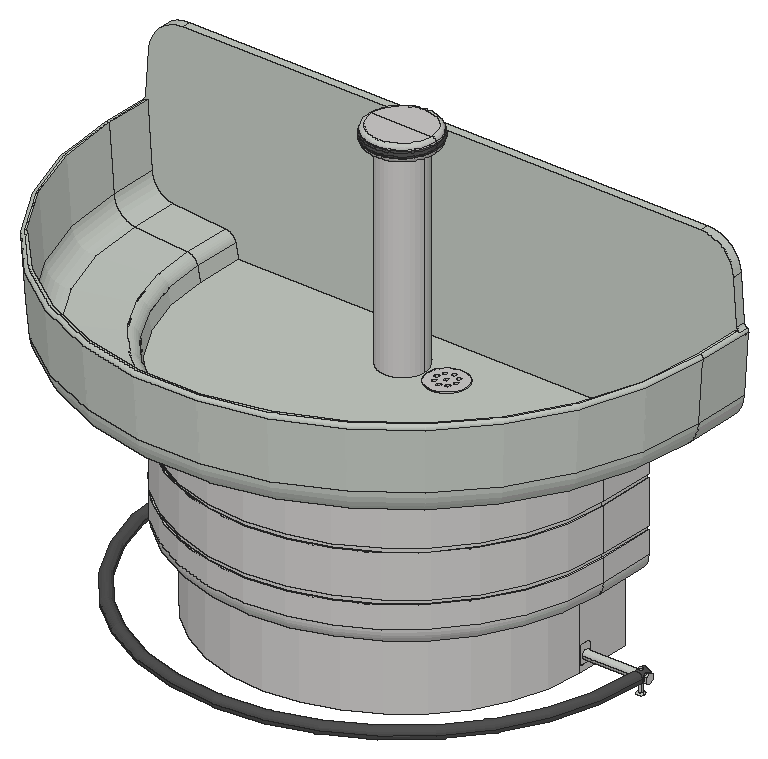
Revit family "Washfountain_Lavatory-Bradley_Corp-WF2504-Type_A_Drain", category Plumbing Fixtures, Revit 2012
Parameters (values of type "Standard")
  Width = 54.000"
  Warranty Information = "Terreon® material warranted for ten years. All other components warranted for one year. This warranty does not cover installation or any other labor charges and does not apply to any units, which have been damaged by accident, abuse, improper installation, improper maintenance, or altered in any way."
  WFU = 0
  Voltage = 110 V
  Version = "2.0"
  Vent Radius = Vent / 2  # 3/4"
  Vent = 1 1/2"
  URL = "http://www.bradleycorp.com/"
  Towel Dispenser Holder [instance] = if(and(Soap Dispenser, Sensor Module), 4.750", if(and(No Soap Dispenser, Sensor Module), 13.250", if(and(Soap Dispenser, No Sensor Module), 4.750", 13.250")))  # 13.250"
  Towel Dispenser Height [instance] = if(and(Soap Dispenser, Sensor Module, Model ID = 2), 55.500", if(and(No Soap Dispenser, Sensor Module, Model ID = 2), 55.500", if(and(Soap Dispenser, No Sensor Module, Model ID = 2), 52.000", if(and(No Soap Dispenser, No Sensor Module, Model ID = 2), 52.000", if(and(Soap Dispenser, Sensor Module, Model ID = 1), 51.500", if(and(No Soap Dispenser, Sensor Module, Model ID = 1), 51.500", if(and(Soap Dispenser, No Sensor Module, Model ID = 1), 48.000", 48.000")))))))  # 52.000"
  TouchTime® Control [instance] = no
  Technical Data = "n/a"
  Standard Height = Model ID = 2  # yes
  Spray Head Height = 38.750"
  Specifications URL = "http://www.bradleycorp.com/3partspec"
  Soap Dispenser Holder [instance] = 2.500"  # constant formula
  Soap Dispenser Height [instance] = if(and(No Sensor Module, Model ID = 2), 47.250", if(and(Sensor Module, Model ID = 2), 50.750", if(and(No Sensor Module, Model ID = 1), 43.250", 46.750")))  # 47.250"
  Sensor Module Height = 42.250"
  Sensor Module [instance] = or(not(Foot Control Valve), TouchTime® Control, Air Valve Hand Control, Adaptive Infrared Activation Control)  # no
  Secondary Supply Height = 12.000"
  Rim Height = 29.500"
  Supply Height [instance] = if(and(Sensor Module, Soap Dispenser, Towel Dispenser, Model ID = 2), 71.813", if(and(Sensor Module, Soap Dispenser, No Towel Dispenser, Model ID = 2), 50.750", if(and(Sensor Module, No Soap Dispenser, No Towel Dispenser, Model ID = 2), 42.250", if(and(Sensor Module, No Soap Dispenser, Towel Dispenser, Model ID = 2), 71.813", if(and(No Sensor Module, No Soap Dispenser, No Towel Dispenser, Model ID = 2), 38.750", if(and(No Sensor Module, No Soap Dispenser, Towel Dispenser, Model ID = 2), 68.313", if(and(No Sensor Module, Soap Dispenser, Towel Dispenser, Model ID = 2), 68.313", if(and(No Sensor Module, Soap Dispenser, No Towel Dispenser, Model ID = 2), 47.250", if(and(Sensor Module, Soap Dispenser, Towel Dispenser, Model ID = 1), 67.813", if(and(Sensor Module, Soap Dispenser, No Towel Dispenser, Model ID = 1), 46.750", if(and(Sensor Module, No Soap Dispenser, No Towel Dispenser, Model ID = 1), 38.250", if(and(Sensor Module, No Soap Dispenser, Towel Dispenser, Model ID = 1), 67.813", if(and(No Sensor Module, No Soap Dispenser, No Towel Dispenser, Model ID = 1), 34.750", if(and(No Sensor Module, No Soap Dispenser, Towel Dispenser, Model ID = 1), 64.313", if(and(No Sensor Module, Soap Dispenser, Towel Dispenser, Model ID = 1), 64.313", 43.250")))))))))))))))  # 38.750"
  Product Tech Data URL - Spanish = ""
  Product Tech Data URL - French = ""
  Product Tech Data URL - English = "http://bradleycorp.com/download/1840/2013.pdf"
  Pedestal Material = Stainless Steel - Bradley Corp - Satin
  Pedestal Height = 19.000"
  Operating Water Pressure Range = "20 - 80 PSI"
  OmniClass Table 23 Title = "Sinks/Lavatories"
  OmniClass Table 23 Number = "23-31 13 00"
  OmniClass Table 21 Title = "Plumbing Fixtures"
  OmniClass Table 21 Number = "21-04 20 10 60"
  No Towel Dispenser [instance] = not(Towel Dispenser)  # yes
  No Soap Dispenser [instance] = not(Soap Dispenser)  # yes
  No Sensor Module [instance] = not(Sensor Module)  # yes
  Modeling Code = ""
  Model ID = 2
  Model = "WF2504"
  Material Note = "Other Terreon® colors available - See www.bradleycorp.com "
  MasterFormat Title = "Commercial Lavatories and Sinks"
  MasterFormat Number = "22 42 16"
  Manufacturer = "Bradley Corp"
  Juvenile Height = Model ID = 1  # no
  Industry Standards = "ANSI Z124.3, Z124.6 and ANSI/ICPA SS-1-2001"
  Hot Lavatory Inlet Secondary Radius = Hot Lavatory Inlet Secondary / 2  # 1/2"
  Hot Lavatory Inlet Secondary = 1"
  Hot Lavatory Inlet Primary Radius = Hot Lavatory Inlet Primary / 2  # 1/2"
  Hot Lavatory Inlet Primary = 1"
  HWFU = 0
  Frequency = 50 Hz
  Foot Control Valve [instance] = not(or(TouchTime® Control, Air Valve Hand Control, Adaptive Infrared Activation Control))  # yes
  Flow Type = 3.0 GPM
  Fire Rating = "n/a"
  Drain Radius = Drain / 2  # 1"
  Drain = 2"
  Description = "Washfountain, 54\" Semi Circular with 9\" Deep Bowl"
  Copyright = "This Model Data is Property of Bradley Corporation"
  Cold Lavatory Inlet Secondary Radius = Cold Lavatory Inlet Secondary / 2  # 1/2"
  Cold Lavatory Inlet Secondary = 1"
  Cold Lavatory Inlet Primary Radius = Cold Lavatory Inlet Primary / 2  # 1/2"
  Cold Lavatory Inlet Primary = 1"
  CWFU = 0
  Buy American Act = "No"
  Button Visibility [instance] = or(TouchTime® Control, Air Valve Hand Control)  # no
  Bowl Material [instance] = Stone - Bradley Corp - Empire Gray
  Assembly Code = "D2010300"
  Air Valve Hand Control [instance] = no
  Adaptive Infrared Activation Control [instance] = no
  ADA Compliant = "Yes"
  Soap Dispenser [instance] = no
  Towel Dispenser [instance] = no
Reference planes (in)
  plane 1 "Center (Front/Back)": y = 0
  plane 2: z = 0
  plane 3 "Center (Left/Right)": x = 0
  plane 4 "Left": x = -27
  plane 5 "Right": x = 27
  plane 6 "Towel Dispenser": z = 52
  plane 7 "Soap Dispenser": z = 47.25
  plane 8 "Sensor Module": z = 42.25
  plane 9 "Spray Head": z = 38.75
  plane 10 "Rim Height": z = 29.5
  plane 11 "Pedestal Height": z = 19
  plane 12: z = 41.25
  plane 13: y = -32.2274
Forms (in)
  Sweep 1, solid, material "Stone - Bradley Corp - Empire Gray" <- "Bowl Material"
    path in 3D
      loop
        line (26.97649, 0, 29.5) -> (26.97649, -5.09016, 29.5)
        arc (26.97649, -5.09016, 29.5) -> (0, -32.06665, 29.5) -> (-26.97649, -5.09016, 29.5) r 26.97649
        line (-26.97649, -5.09016, 29.5) -> (-26.97649, 0, 29.5)
    profile origin (-26.97649, -2.54508, 29.5) x (-1, 0, 0) y (0, 0, 1)
      loop
        line (-0.36849, -5.60574) -> (0.00015, -0.33398)
        arc (0.00015, -0.33398) -> (-0.08011, -0.10234) -> (-0.30288, 0) r 0.31231
        line (-0.30288, 0) -> (-0.47772, 0) -> (-0.86727, -5.57086)
        arc (-0.86727, -5.57086) -> (-1.46619, -6.9067) -> (-2.78695, -7.53818) r 2.125
        line (-2.78695, -7.53818) -> (-7.52625, -7.93634)
        arc (-7.52625, -7.93634) -> (-8.11685, -8.19439) -> (-8.42734, -8.75918) r 1
        line (-8.42734, -8.75918) -> (-8.64604, -9.99947) -> (-24.97649, -9.99947) -> (-24.97649, -10.5) -> (-8.64604, -10.5)
        arc (-8.64604, -10.5) -> (-8.32099, -10.37992) -> (-8.15206, -10.07737) r 0.5
        line (-8.15206, -10.07737) -> (-7.93494, -8.846)
        arc (-7.93494, -8.846) -> (-7.77969, -8.56361) -> (-7.48439, -8.43458) r 0.5
        line (-7.48439, -8.43458) -> (-2.74261, -8.03622)
        arc (-2.74261, -8.03622) -> (-1.1093, -7.25688) -> (-0.36849, -5.60574) r 2.625
  Sweep 2, solid, material "Stone - Bradley Corp - Empire Gray" <- "Bowl Material", detail levels coarse
    path in 3D
      loop
        line (26.97649, 0, 29.5) -> (26.97649, -5.09016, 29.5)
        arc (26.97649, -5.09016, 29.5) -> (0, -32.06665, 29.5) -> (-26.97649, -5.09016, 29.5) r 26.97649
        line (-26.97649, -5.09016, 29.5) -> (-26.97649, 0, 29.5)
    profile origin (-26.97649, -2.54508, 29.5) x (-1, 0, 0) y (0, 0, 1)
      loop
        line (-0.52542, -7.84995) -> (0.0235, 0) -> (-0.47772, 0) -> (-0.99431, -7.38758) -> (-8.29362, -8.00081) -> (-8.64604, -9.99947) -> (-24.97641, -9.99947) -> (-24.97641, -10.5) -> (-8.22658, -10.5) -> (-7.86808, -8.46682) -> (-0.52542, -7.84995)
  Sweep 3, solid, material "Stainless Steel - Bradley Corp - Satin" <- "Pedestal Material", visible <- "Standard Height", detail levels medium+fine
    path in 3D
      loop
        line (-18.00049, 0, 19) -> (-18.00049, -5.09016, 19)
        arc (-18.00049, -5.09016, 19) -> (0, -23.09065, 19) -> (18.00049, -5.09016, 19) r 18.00049
        line (18.00049, -5.09016, 19) -> (18.00049, 0, 19)
    profile origin (-18.00049, -2.54508, 19) x (1, 0, 0) y (0, 0, 1)
      loop
        line (0.00049, -4.376) -> (0.12942, -4.376) -> (0.12942, -4.751) -> (0.00454, -4.751) -> (0.00454, -8.56354) -> (0.12942, -8.56354) -> (0.12942, -8.9385) -> (0.0005, -8.9385) -> (0.0005, -10.96713)
        arc (0.0005, -10.96713) -> (0.44863, -12.04901) -> (1.53051, -12.49714) r 1.53001
        line (1.53051, -12.49714) -> (2.14799, -12.49714) -> (2.14799, -19) -> (2.64799, -19) -> (2.64799, -11.99714) -> (1.53051, -11.99714)
        arc (1.53051, -11.99714) -> (0.80218, -11.69546) -> (0.5005, -10.96713) r 1.03001
        line (0.5005, -10.96713) -> (0.5005, -8.9385) -> (0.62942, -8.9385) -> (0.62942, -8.56354) -> (0.50454, -8.56354) -> (0.50454, -4.751) -> (0.62942, -4.751) -> (0.62942, -4.376) -> (0.50049, -4.376) -> (0.50049, 0) -> (0.00049, 0) -> (0.00049, -4.376)
  Sweep 4, solid, material "Stainless Steel - Bradley Corp - Satin" <- "Pedestal Material", visible <- "Standard Height", detail levels coarse
    path in 3D
      loop
        line (-18.00049, 0, 19) -> (-18.00049, -5.09016, 19)
        arc (-18.00049, -5.09016, 19) -> (0, -23.09065, 19) -> (18.00049, -5.09016, 19) r 18.00049
        line (18.00049, -5.09016, 19) -> (18.00049, 0, 19)
    profile origin (-18.00049, -2.54508, 19) x (1, 0, 0) y (0, 0, 1)
      loop
        line (0, 0) -> (0, -12.49714) -> (2.14799, -12.49714) -> (2.14799, -19) -> (2.64799, -19) -> (2.64799, -11.99714) -> (0.50454, -11.99714) -> (0.50454, 0) -> (0, 0)
  Sweep 5, solid, material "Stainless Steel - Bradley Corp - Satin" <- "Pedestal Material", visible <- "Juvenile Height", detail levels medium+fine
    path in 3D
      loop
        line (-18.00049, 0, 19) -> (-18.00049, -5.09016, 19)
        arc (-18.00049, -5.09016, 19) -> (0, -23.09065, 19) -> (18.00049, -5.09016, 19) r 18.00049
        line (18.00049, -5.09016, 19) -> (18.00049, 0, 19)
    profile origin (-18.00049, -2.54508, 19) x (1, 0, 0) y (0, 0, 1)
      loop
        line (0, -3.44859) -> (0.1016, -3.44859) -> (0.1016, -3.74411) -> (0.0032, -3.74411) -> (0.0032, -6.74866) -> (0.1016, -6.74866) -> (0.1016, -7.04415) -> (0.00001, -7.04415) -> (0.00001, -8.20062)
        arc (0.00001, -8.20062) -> (0.48269, -9.36592) -> (1.64799, -9.8486) r 1.64798
        line (1.64799, -9.8486) -> (2.14799, -9.8486) -> (2.14799, -15) -> (2.54202, -15) -> (2.54202, -9.45457) -> (1.64799, -9.45457)
        arc (1.64799, -9.45457) -> (0.76131, -9.08729) -> (0.39404, -8.20062) r 1.25395
        line (0.39404, -8.20062) -> (0.39404, -7.04415) -> (0.49564, -7.04415) -> (0.49564, -6.74866) -> (0.39723, -6.74866) -> (0.39723, -3.74411) -> (0.49564, -3.74411) -> (0.49564, -3.44859) -> (0.39403, -3.44859) -> (0.39403, 0) -> (0, 0) -> (0, -3.44859)
  Sweep 6, solid, material "Stainless Steel - Bradley Corp - Satin" <- "Pedestal Material", visible <- "Juvenile Height", detail levels coarse
    path in 3D
      loop
        line (-18.00049, 0, 19) -> (-18.00049, -5.09016, 19)
        arc (-18.00049, -5.09016, 19) -> (0, -23.09065, 19) -> (18.00049, -5.09016, 19) r 18.00049
        line (18.00049, -5.09016, 19) -> (18.00049, 0, 19)
    profile origin (-18.00049, -2.54508, 19) x (1, 0, 0) y (0, 0, 1)
      loop
        line (0, -9.8486) -> (2.14799, -9.8486) -> (2.14799, -15) -> (2.64799, -15) -> (2.64799, -9.3486) -> (0.5, -9.3486) -> (0.5, 0) -> (0, 0) -> (0, -9.8486)
  Revolve 7, solid, material "Stainless Steel - Bradley Corp - Polished", visible <- "Soap Dispenser", detail levels fine
    sketch origin (-3, -5.25, 47.25) x (1, 0, 0) y (0, 0, 1)
      loop
        line (-2.88598, -5.36403) -> (-2.85471, -5.36403) -> (-2.85471, -6) -> (3, -6) -> (3, 0) -> (-0.11538, 0)
        arc (-0.11538, 0) -> (-1.691, -0.10007) -> (-3.24592, -0.37358) r 14.27083
        line (-3.24592, -0.37358) -> (-3.24592, -0.99953) -> (-3.01, -0.99953) -> (-3.01, -1.61403) -> (-2.97, -1.61403) -> (-2.97, -2.86403) -> (-2.93, -2.86403) -> (-2.93, -4.11402) -> (-2.88598, -4.11402) -> (-2.88598, -5.36403)
      axis (3, 0) -> (3, -6)
    angle from 360 to 180
  Revolve 8, solid, material "Stainless Steel - Bradley Corp - Polished", visible <- "Soap Dispenser", detail levels coarse+medium
    sketch origin (-3, -5.25, 47.25) x (1, 0, 0) y (0, 0, 1)
      loop
        line (-3.24592, -0.99953) -> (-2.85471, -6) -> (3, -6) -> (3, -0.99953) -> (-3.24592, -0.99953)
      axis (3, -0.99953) -> (3, -6)
    angle from 360 to 180
  Revolve 9, solid, material "Stainless Steel - Bradley Corp - Polished", detail levels fine
    sketch origin (-3, -5.25, 38.75) x (1, 0, 0) y (0, 0, 1)
      loop
        arc (0.31, 0) -> (0.06605, -0.10105) -> (-0.035, -0.345) r 0.345
        line (-0.035, -0.345) -> (-0.035, -0.44473)
        arc (-0.035, -0.44473) -> (-0.09885, -0.47345) -> (-0.125, -0.5384) r 0.09375
        line (-0.125, -0.5384) -> (-0.125, -0.8509)
        arc (-0.125, -0.8509) -> (-0.09885, -0.91586) -> (-0.035, -0.94458) r 0.09375
        line (-0.035, -0.94458) -> (-0.035, -1.04463)
        arc (-0.035, -1.04463) -> (0.06605, -1.28858) -> (0.31, -1.38963) r 0.345
        line (0.31, -1.38963) -> (1, -1.38963) -> (1, -19.75) -> (3, -19.75) -> (3, 0) -> (0.31, 0)
      axis (3, 0) -> (3, -19.75)
    angle from 0 to 360
  Revolve 10, solid, material "Stainless Steel - Bradley Corp - Polished", detail levels coarse+medium
    sketch origin (-3, -5.25, 38.75) x (1, 0, 0) y (0, 0, 1)
      loop
        line (-0.125, -0.94458) -> (0.31, -1.38963) -> (1, -1.38963) -> (1, -19.75) -> (3, -19.75) -> (3, 0.00012) -> (0.31985, 0.00012) -> (-0.125, -0.44473) -> (-0.125, -0.94458)
      axis (3, 0.00012) -> (3, -19.75)
    angle from 0 to 360
  Extrusion 11, solid, material "Stone - Bradley Corp - Empire Gray" <- "Bowl Material", detail levels medium+fine
    sketch origin (-3, 0, 29.5) x (1, 0, 0) y (0, 0, 1)
      loop
        arc (-23.60112, 0.33907) -> (-23.6674, 0.12286) -> (-23.82201, -0.04217) r 0.50097
        arc (-23.82201, -0.04217) -> (-23.75046, -0.01178) -> (-23.67361, 0) r 0.31231
        line (-23.67361, 0) -> (-23.49877, 0) -> (-23.10922, -5.57086)
        arc (-23.10922, -5.57086) -> (-22.49462, -6.9226) -> (-21.14503, -7.54192) r 2.125
        line (-21.14503, -7.54192) -> (-16.45024, -7.93634)
        arc (-16.45024, -7.93634) -> (-15.85964, -8.19439) -> (-15.54915, -8.75918) r 1
        line (-15.54915, -8.75918) -> (-15.33045, -9.99947) -> (21.33045, -9.99947) -> (21.54915, -8.75918)
        arc (21.54915, -8.75918) -> (21.85964, -8.19439) -> (22.45024, -7.93634) r 1
        line (22.45024, -7.93634) -> (27.14503, -7.54192)
        arc (27.14503, -7.54192) -> (28.49462, -6.9226) -> (29.10922, -5.57086) r 2.125
        line (29.10922, -5.57086) -> (29.49877, 0) -> (29.67361, 0)
        arc (29.67361, 0) -> (29.75046, -0.01178) -> (29.82201, -0.04217) r 0.31231
        arc (29.82201, -0.04217) -> (29.6674, 0.12286) -> (29.60112, 0.33907) r 0.50097
        line (29.60112, 0.33907) -> (29.33045, 4.20977)
        arc (29.33045, 4.20977) -> (28.38375, 6.19456) -> (26.33776, 7.0005) r 3
        line (26.33776, 7.0005) -> (-20.33776, 7.0005)
        arc (-20.33776, 7.0005) -> (-22.38375, 6.19456) -> (-23.33045, 4.20977) r 3
        line (-23.33045, 4.20977) -> (-23.60112, 0.33907)
    from 0 to 0.8003
  Extrusion 12, solid, material "Stone - Bradley Corp - Empire Gray" <- "Bowl Material", detail levels coarse
    sketch origin (-3, 0, 29.5) x (1, 0, 0) y (0, 0, 1)
      loop
        line (-23.49877, 0) -> (-22.98218, -7.38758) -> (-15.68287, -8.00081) -> (-15.33045, -9.99947) -> (21.33045, -9.99947) -> (21.68287, -8.00081) -> (28.98218, -7.38758) -> (29.49877, 0) -> (29.99999, 0) -> (29.99999, 3.33827)
        arc (29.99999, 3.33827) -> (28.92735, 5.92786) -> (26.33776, 7.0005) r 3.66224
        line (26.33776, 7.0005) -> (-20.33776, 7.0005)
        arc (-20.33776, 7.0005) -> (-22.92735, 5.92786) -> (-23.99999, 3.33827) r 3.66224
        line (-23.99999, 3.33827) -> (-23.99999, 0) -> (-23.49877, 0)
    from 0 to 0.8003
  Extrusion 13, solid, material "Stainless Steel - Bradley Corp - Polished", visible <- "Soap Dispenser", detail levels coarse+medium
    sketch origin (-3, -5.25, 47.25) x (1, 0, 0) y (0, 0, 1)
      loop
        line (-2.85471, -6) -> (8.85471, -6) -> (9.24592, -0.99953) -> (-3.24592, -0.99953) -> (-2.85471, -6)
    from 0 to -2.25
  Extrusion 14, solid, material "Stainless Steel - Bradley Corp - Polished", visible <- "Soap Dispenser", detail levels fine
    sketch origin (-3, -5.25, 47.25) x (1, 0, 0) y (0, 0, 1)
      loop
        line (-2.88598, -5.36403) -> (-2.85471, -5.36403) -> (-2.85471, -6) -> (8.85471, -6) -> (8.85471, -5.36403) -> (8.88598, -5.36403) -> (8.88598, -4.11402) -> (8.93, -4.11402) -> (8.93, -2.86403) -> (8.97, -2.86403) -> (8.97, -1.61403) -> (9.01, -1.61403) -> (9.01, -0.99953) -> (9.24592, -0.99953) -> (9.24592, -0.37358)
        arc (9.24592, -0.37358) -> (7.691, -0.10007) -> (6.11538, 0) r 14.27083
        line (6.11538, 0) -> (-0.11538, 0)
        arc (-0.11538, 0) -> (-1.691, -0.10007) -> (-3.24592, -0.37358) r 14.27083
        line (-3.24592, -0.37358) -> (-3.24592, -0.99953) -> (-3.01, -0.99953) -> (-3.01, -1.61403) -> (-2.97, -1.61403) -> (-2.97, -2.86403) -> (-2.93, -2.86403) -> (-2.93, -4.11402) -> (-2.88598, -4.11402) -> (-2.88598, -5.36403)
    from 0 to -2.25
  Revolve 15, solid, material "Stainless Steel - Bradley Corp - Polished", visible <- "Sensor Module", detail levels fine
    sketch origin (-3, -5.25, 42.25) x (1, 0, 0) y (0, 0, 1)
      loop
        line (-1.49987, -0.56541) -> (-1.49987, -1.98683)
        arc (-1.49987, -1.98683) -> (-1.48063, -2.08301) -> (-1.42587, -2.16439) r 0.25
        line (-1.42587, -2.16439) -> (-0.82309, -2.76716)
        arc (-0.82309, -2.76716) -> (-0.74199, -2.82135) -> (-0.64632, -2.84038) r 0.25
        line (-0.64632, -2.84038) -> (1, -2.84038) -> (1, -3.5) -> (3, -3.5) -> (3, 0) -> (0.89718, 0)
        arc (0.89718, 0) -> (-0.28099, -0.0858) -> (-1.45612, -0.2063) r 40.06
        arc (-1.45612, -0.2063) -> (-1.54124, -0.251) -> (-1.57537, -0.34072) r 0.135
        line (-1.57537, -0.34072) -> (-1.57537, -0.56541) -> (-1.49987, -0.56541)
      axis (3, 0) -> (3, -3.5)
    angle from 0 to 360
  Revolve 16, solid, material "Stainless Steel - Bradley Corp - Polished", visible <- "Sensor Module", detail levels coarse+medium
    sketch origin (-3, -5.25, 42.25) x (1, 0, 0) y (0, 0, 1)
      loop
        line (-1.57537, -2.01488) -> (-0.74987, -2.84038) -> (1, -2.84038) -> (1, -3.5) -> (3, -3.5) -> (3, 0) -> (-1.57537, 0) -> (-1.57537, -2.01488)
      axis (3, 0) -> (3, -3.5)
    angle from 0 to 360
  Extrusion 17, solid, material "Stainless Steel - Bradley Corp - Polished", visible <- "Towel Dispenser"
    sketch origin (-0.06458, -11.63773, 52) x (0, 0, 1) y (-0.871825, -0.489818, 0)
      loop
        line (0, 0) -> (15.313, 0) -> (14.62567, 4) -> (1.37502, 4) -> (0, 1.75) -> (0, 0)
    from 0 to -11
  Extrusion 18, solid, material "Stainless Steel - Bradley Corp - Polished", visible <- "Towel Dispenser"
    sketch origin (0.06458, -11.63773, 52) x (0, 0, 1) y (-0.871825, 0.489818, 0)
      loop
        line (0, 0) -> (0, -1.75) -> (1.37502, -4) -> (14.62567, -4) -> (15.313, 0) -> (0, 0)
    from 0 to -11
  Extrusion 19, solid, material "Stainless Steel - Bradley Corp - Polished", visible <- "Towel Dispenser"
    sketch origin (0, 0, 52) x (-1, 0, 0) y (0, -1, 0)
      loop
        circle (0, 5.25) r 2
    from -13.25 to 16.313
  Extrusion 20, solid, material "Stainless Steel - Bradley Corp - Polished", visible <- "Soap Dispenser"
    sketch origin (0, 0, 47.25) x (-1, 0, 0) y (0, -1, 0)
      loop
        circle (0, 5.25) r 2
    from -6 to -8.5
  Extrusion 21, solid, material "Stainless Steel - Bradley Corp - Polished", visible <- "Towel Dispenser"
    sketch origin (0, 0, 52) x (-1, 0, 0) y (0, -1, 0)
      loop
        line (5.45258, 2.04766) -> (0.06458, 11.63773) -> (-0.06458, 11.63773) -> (-5.45258, 2.04766) -> (5.45258, 2.04766)
      loop
        circle (0, 5.25) r 2
    from 1.0786 to 1.5786
  Extrusion 22, solid, material "Stainless Steel - Bradley Corp - Polished", visible <- "Towel Dispenser"
    sketch origin (0, 0, 52) x (-1, 0, 0) y (0, -1, 0)
      loop
        line (-5.45258, 2.04766) -> (5.45258, 2.04766) -> (0.06458, 11.63773) -> (-0.06458, 11.63773) -> (-5.45258, 2.04766)
      loop
        circle (0, 5.25) r 2
    from 14.62567 to 14.12567
  Extrusion 23, solid, material "Stone - Bradley Corp - Empire Gray" <- "Bowl Material", detail levels coarse
    sketch origin (0, 0, 29.5) x (-1, 0, 0) y (0, -1, 0)
      loop
        arc (2.00008, 5.09016) -> (0, 3.09007) -> (-2.00008, 5.09016) r 2.00008
        line (-2.00008, 5.09016) -> (-2.00008, 0) -> (2.00008, 0) -> (2.00008, 5.09016)
    from -10.499 to -9.99947
  Extrusion 24, solid, material "Stone - Bradley Corp - Empire Gray" <- "Bowl Material"
    sketch origin (0, 0, 29.5) x (-1, 0, 0) y (0, -1, 0)
      loop
        arc (2, 5.09016) -> (0, 3.09016) -> (-2, 5.09016) r 2
        line (-2, 5.09016) -> (-2, 0) -> (2, 0) -> (2, 5.09016)
    from -10.499 to -9.99947
  Sweep 25, solid, material "Plastic - Bradley Corp - Black", visible <- "Foot Control Valve"
    path in 3D
      loop
        line (21.00049, -4.125, 0) -> (21.00049, -5.09016, 0)
        arc (21.00049, -5.09016, 0) -> (0, -26.09065, 0) -> (-21.00049, -5.09016, 0) r 21.00049
        line (-21.00049, -5.09016, 0) -> (-21.00049, -4.125, 0)
    profile origin (-21.00049, -4.60758, 0) x (-1, 0, 0) y (0, 0, 1)
      loop
        circle (0, 1.425) r 0.5
  Extrusion 26, solid, material "Stainless Steel - Bradley Corp - Satin", visible <- "Foot Control Valve"
    sketch origin (0, 0, 0) x (0, 1, 0) y (0, 0, 1)
      loop
        circle (-4.625, 1.425) r 0.371
    from -21.53456 to -15.8525
  Extrusion 27, solid, material "Stainless Steel - Bradley Corp - Satin", visible <- "Foot Control Valve"
    sketch origin (0, 0, 0) x (0, 1, 0) y (0, 0, -1)
      loop
        circle (-4.625, -1.425) r 0.371
    from -21.53456 to -15.8525
  Extrusion 28, solid, material "Stainless Steel - Bradley Corp - Polished", visible <- "Foot Control Valve", detail levels fine
    sketch origin (0, 0, 0) x (1, 0, 0) y (0, 1, 0)
      loop
        circle (-21.00049, -4.625) r 0.117
    from 0.12175 to 2.02302
  Extrusion 29, solid, material "Stainless Steel - Bradley Corp - Polished", visible <- "Foot Control Valve", detail levels fine
    sketch origin (0, 0, 0) x (-1, 0, 0) y (0, -1, 0)
      loop
        circle (-21.00049, 4.625) r 0.117
    from 0.12175 to 2.02302
  Blend 30, solid, material "Stainless Steel - Bradley Corp - Polished", visible <- "Foot Control Valve", detail levels fine
    base sketch origin (0, 0, 0) x (1, 0, 0) y (0, 1, 0)
      loop
        circle (-21.00049, -4.625) r 0.117
    top sketch origin (0, 0, 0) x (1, 0, 0) y (0, 1, 0)
      loop
        circle (-21.00049, -4.625) r 0.325
    from 0.12175 to 0
  Blend 31, solid, material "Stainless Steel - Bradley Corp - Polished", visible <- "Foot Control Valve", detail levels fine
    base sketch origin (0, 0, 0) x (-1, 0, 0) y (0, -1, 0)
      loop
        circle (-21.00049, 4.625) r 0.117
    top sketch origin (0, 0, 0) x (-1, 0, 0) y (0, -1, 0)
      loop
        circle (-21.00049, 4.625) r 0.325
    from 0.12175 to 0
  Extrusion 32, solid, material "Stainless Steel - Bradley Corp - Polished", visible <- "Foot Control Valve", detail levels fine
    sketch origin (0, 0, 0) x (0, 1, 0) y (0, 0, 1)
      loop
        line (-4.25298, 1.64221) -> (-4.62448, 1.85669) -> (-4.99598, 1.64221) -> (-4.99598, 1.21324) -> (-4.62448, 0.99875) -> (-4.25298, 1.21324) -> (-4.25298, 1.64221)
    from -21.53456 to -21.80027
  Extrusion 33, solid, material "Stainless Steel - Bradley Corp - Polished", visible <- "Foot Control Valve", detail levels fine
    sketch origin (0, 0, 0) x (0, 1, 0) y (0, 0, -1)
      loop
        line (-4.25298, -1.64221) -> (-4.25298, -1.21324) -> (-4.62448, -0.99875) -> (-4.99598, -1.21324) -> (-4.99598, -1.64221) -> (-4.62448, -1.85669) -> (-4.25298, -1.64221)
    from -21.53456 to -21.80027
  Extrusion 34, solid, material "Stainless Steel - Bradley Corp - Satin", visible <- "Foot Control Valve"
    sketch origin (0, 0, 0) x (0, 1, 0) y (0, 0, 1)
      loop
        line (-4.37723, 2.29222) -> (-4.87723, 2.29222)
        arc (-4.87723, 2.29222) -> (-5.05401, 2.219) -> (-5.12723, 2.04222) r 0.25
        line (-5.12723, 2.04222) -> (-5.12723, 0.91722)
        arc (-5.12723, 0.91722) -> (-5.05401, 0.74044) -> (-4.87723, 0.66722) r 0.25
        line (-4.87723, 0.66722) -> (-4.37723, 0.66722)
        arc (-4.37723, 0.66722) -> (-4.20046, 0.74044) -> (-4.12723, 0.91722) r 0.25
        line (-4.12723, 0.91722) -> (-4.12723, 2.04222)
        arc (-4.12723, 2.04222) -> (-4.20046, 2.219) -> (-4.37723, 2.29222) r 0.25
    from -15.978 to -15.8525
  Extrusion 35, solid, material "Stainless Steel - Bradley Corp - Satin", visible <- "Foot Control Valve"
    sketch origin (0, 0, 0) x (0, 1, 0) y (0, 0, -1)
      loop
        arc (-4.37723, -2.29222) -> (-4.20046, -2.219) -> (-4.12723, -2.04222) r 0.25
        line (-4.12723, -2.04222) -> (-4.12723, -0.91722)
        arc (-4.12723, -0.91722) -> (-4.20046, -0.74044) -> (-4.37723, -0.66722) r 0.25
        line (-4.37723, -0.66722) -> (-4.87723, -0.66722)
        arc (-4.87723, -0.66722) -> (-5.05401, -0.74044) -> (-5.12723, -0.91722) r 0.25
        line (-5.12723, -0.91722) -> (-5.12723, -2.04222)
        arc (-5.12723, -2.04222) -> (-5.05401, -2.219) -> (-4.87723, -2.29222) r 0.25
        line (-4.87723, -2.29222) -> (-4.37723, -2.29222)
    from -15.978 to -15.8525
  Extrusion 36, void
    sketch origin (0, 0, 19) x (-1, 0, 0) y (0, -1, 0)
      loop
        circle (-4, 5.25) r 1.75
    from 0 to 10.5
  Extrusion 37, solid, material "Stainless Steel - Bradley Corp - Polished", detail levels medium+fine
    sketch origin (0, 0, 19) x (-1, 0, 0) y (0, -1, 0)
      loop
        circle (-4, 5.25) r 1.75
      loop
        circle (-4, 5.25) r 0.1842
      loop
        circle (-4, 4.37229) r 0.1842
      loop
        circle (-3.12229, 5.25) r 0.1842
      loop
        circle (-4, 6.12771) r 0.1842
      loop
        circle (-4.87771, 5.25) r 0.1842
      loop
        circle (-4.62063, 4.62937) r 0.1842
      loop
        circle (-3.37937, 4.62937) r 0.1842
      loop
        circle (-3.37937, 5.87063) r 0.1842
      loop
        circle (-4.62063, 5.87063) r 0.1842
    from 0 to 0.55176
  Extrusion 38, solid, material "Default", not visible
    sketch origin (0, 0, 0) x (1, 0, 0) y (0, 1, 0)
      loop
        circle (-7.625, -2) r 0.5
      loop
        circle (7.625, -2) r 0.5
    from 0 to 2.5
  Extrusion 39, solid, material "Default", not visible
    sketch origin (0, 0, 0) x (1, 0, 0) y (0, 1, 0)
      loop
        circle (4, -5.25) r 1
    from 0 to 3
  Extrusion 40, solid, material "Default", not visible
    sketch origin (0, 0, 0) x (1, 0, 0) y (0, 0, 1)
      loop
        circle (-7.625, 12) r 0.5
      loop
        circle (7.625, 12) r 0.5
      loop
        line (-4.5, 10) -> (-3.5, 10) -> (-3.5, 12) -> (-4.5, 12) -> (-4.5, 10)
    from 0 to 2.5
  Revolve 41, solid, material "Plastic - Bradley Corp - Black", visible <- "Soap Dispenser", detail levels coarse+medium
    sketch origin (-3, -5.25, 47.25) x (1, 0, 0) y (0, 0, 1)
      loop
        line (-3.32412, 0) -> (-3.24592, -0.99953) -> (3, -0.99953) -> (3, 0) -> (-3.32412, 0)
      axis (3, 0) -> (3, -0.99953)
    angle from 180 to 360
  Extrusion 42, solid, material "Plastic - Bradley Corp - Black", visible <- "Soap Dispenser", detail levels coarse+medium
    sketch origin (-3, -5.25, 47.25) x (1, 0, 0) y (0, 0, 1)
      loop
        line (-3.24592, -0.99953) -> (9.24592, -0.99953) -> (9.32412, 0) -> (-3.32412, 0) -> (-3.24592, -0.99953)
    from 0 to -2.25
  Extrusion 43, solid, material "Stainless Steel - Bradley Corp - Polished", visible <- "Button Visibility"
    sketch origin (-3, -5.25, 42.25) x (1, 0, 0) y (0, 0, 1)
      loop
        circle (3, -1.3649) r 0.5
    from 4.57537 to 4.97537
  Extrusion 44, solid, material "Stainless Steel - Bradley Corp - Polished", visible <- "Button Visibility", detail levels fine
    sketch origin (-3, -5.25, 42.25) x (1, 0, 0) y (0, 0, 1)
      loop
        circle (3, -1.3649) r 0.25
    from 4.4998 to 4.57537
Cuts and joins
  joined: Revolve 8, Extrusion 13
  joined: Revolve 7, Extrusion 14
  Extrusion 36 cuts Sweep 2
  joined: Sweep 2, Extrusion 23
  Extrusion 36 cuts Sweep 1
  joined: Sweep 1, Extrusion 24
  joined: Extrusion 26, Extrusion 27, Extrusion 34, Extrusion 35
  joined: Revolve 41, Extrusion 42
Lines and regions (in)
  Masking region 1, visible <- "Standard Height", detail levels coarse
    outline origin (-3, 0, 19) x (1, 0, 0) y (0, 0, 1)
      loop
        line (-15.00049, 0) -> (-15.00049, -12.49714) -> (-12.8525, -12.49714) -> (-12.8525, -19) -> (18.8525, -19) -> (18.8525, -12.49714) -> (21.00049, -12.49714) -> (21.00049, 0) -> (-15.00049, 0)
  Masking region 2, visible <- "Standard Height", detail levels medium+fine
    outline origin (-3, 0, 19) x (1, 0, 0) y (0, 0, 1)
      loop
        line (-15.00049, -4.376) -> (-14.87156, -4.376) -> (-14.87156, -4.751) -> (-14.99644, -4.751) -> (-14.99644, -8.56354) -> (-14.87156, -8.56354) -> (-14.87156, -8.9385) -> (-15.00048, -8.9385) -> (-15.00048, -10.96713)
        arc (-15.00048, -10.96713) -> (-14.55235, -12.04901) -> (-13.47047, -12.49714) r 1.53001
        line (-13.47047, -12.49714) -> (-12.85299, -12.49714) -> (-12.85299, -19) -> (18.85299, -19) -> (18.85299, -12.49714) -> (19.47047, -12.49714)
        arc (19.47047, -12.49714) -> (20.55235, -12.04901) -> (21.00048, -10.96713) r 1.53001
        line (21.00048, -10.96713) -> (21.00048, -8.9385) -> (20.87156, -8.9385) -> (20.87156, -8.56354) -> (20.99644, -8.56354) -> (20.99644, -4.751) -> (20.87156, -4.751) -> (20.87156, -4.376) -> (21.00049, -4.376) -> (21.00049, 0) -> (-15.00049, 0) -> (-15.00049, -4.376)
  Masking region 3, visible <- "Juvenile Height", detail levels coarse
    outline origin (-3, 0, 19) x (1, 0, 0) y (0, 0, 1)
      loop
        line (-15.00049, 0) -> (-15.00049, -9.8486) -> (-12.8525, -9.8486) -> (-12.8525, -15) -> (18.8525, -15) -> (18.8525, -9.8486) -> (21.00049, -9.8486) -> (21.00049, 0) -> (-15.00049, 0)
  Masking region 4, visible <- "Juvenile Height", detail levels medium+fine
    outline origin (-3, 0, 19) x (1, 0, 0) y (0, 0, 1)
      loop
        line (-15.00049, -3.44859) -> (-14.89889, -3.44859) -> (-14.89889, -3.74411) -> (-14.9973, -3.74411) -> (-14.9973, -6.74866) -> (-14.89889, -6.74866) -> (-14.89889, -7.04415) -> (-15.00048, -7.04415) -> (-15.00048, -8.20062)
        arc (-15.00048, -8.20062) -> (-14.5178, -9.36592) -> (-13.3525, -9.8486) r 1.64798
        line (-13.3525, -9.8486) -> (-12.8525, -9.8486) -> (-12.8525, -15) -> (18.8525, -15) -> (18.8525, -9.8486) -> (19.3525, -9.8486)
        arc (19.3525, -9.8486) -> (20.5178, -9.36592) -> (21.00048, -8.20062) r 1.64798
        line (21.00048, -8.20062) -> (21.00048, -7.04415) -> (20.89889, -7.04415) -> (20.89889, -6.74866) -> (20.9973, -6.74866) -> (20.9973, -3.74411) -> (20.89889, -3.74411) -> (20.89889, -3.44859) -> (21.00049, -3.44859) -> (21.00049, 0) -> (-15.00049, 0) -> (-15.00049, -3.44859)
  Masking region 5, detail levels coarse
    outline origin (-3, 0, 29.5) x (1, 0, 0) y (0, 0, 1)
      loop
        line (-23.45107, -7.84995) -> (-16.10841, -8.46682) -> (-15.74991, -10.5) -> (21.74991, -10.5) -> (22.10841, -8.46682) -> (29.45107, -7.84995) -> (29.99999, 0) -> (29.99999, 3.33827)
        arc (29.99999, 3.33827) -> (28.92735, 5.92786) -> (26.33776, 7.0005) r 3.66224
        line (26.33776, 7.0005) -> (-20.33776, 7.0005)
        arc (-20.33776, 7.0005) -> (-22.92735, 5.92786) -> (-23.99999, 3.33827) r 3.66224
        line (-23.99999, 3.33827) -> (-23.99999, 0) -> (-23.45107, -7.84995)
  Masking region 6, detail levels medium+fine
    outline origin (-3, 0, 29.5) x (1, 0, 0) y (0, 0, 1)
      loop
        arc (-23.608, -5.60574) -> (-22.86719, -7.25688) -> (-21.23388, -8.03622) r 2.625
        line (-21.23388, -8.03622) -> (-16.4921, -8.43458)
        arc (-16.4921, -8.43458) -> (-16.1968, -8.56361) -> (-16.04155, -8.846) r 0.5
        line (-16.04155, -8.846) -> (-15.82443, -10.07737)
        arc (-15.82443, -10.07737) -> (-15.6555, -10.37992) -> (-15.33045, -10.5) r 0.5
        line (-15.33045, -10.5) -> (21.33045, -10.5)
        arc (21.33045, -10.5) -> (21.6555, -10.37992) -> (21.82443, -10.07737) r 0.5
        line (21.82443, -10.07737) -> (22.04155, -8.846)
        arc (22.04155, -8.846) -> (22.1968, -8.56361) -> (22.4921, -8.43458) r 0.5
        line (22.4921, -8.43458) -> (27.23388, -8.03622)
        arc (27.23388, -8.03622) -> (28.86719, -7.25688) -> (29.608, -5.60574) r 2.625
        line (29.608, -5.60574) -> (29.97664, -0.33398)
        arc (29.97664, -0.33398) -> (29.94659, -0.17694) -> (29.84276, -0.05534) r 0.31231
        arc (29.84276, -0.05534) -> (29.67369, 0.1123) -> (29.60112, 0.33907) r 0.50097
        line (29.60112, 0.33907) -> (29.33045, 4.20977)
        arc (29.33045, 4.20977) -> (28.38375, 6.19456) -> (26.33776, 7.0005) r 3
        line (26.33776, 7.0005) -> (-20.33776, 7.0005)
        arc (-20.33776, 7.0005) -> (-22.38375, 6.19456) -> (-23.33045, 4.20977) r 3
        line (-23.33045, 4.20977) -> (-23.60112, 0.33907)
        arc (-23.60112, 0.33907) -> (-23.6674, 0.12286) -> (-23.82201, -0.04217) r 0.50097
        arc (-23.82201, -0.04217) -> (-23.94105, -0.16596) -> (-23.97664, -0.33398) r 0.31231
        line (-23.97664, -0.33398) -> (-23.608, -5.60574)
  Masking region 7, visible <- "Standard Height", detail levels coarse
    outline origin (0, 3, 19) x (0, -1, 0) y (0, 0, 1)
      loop
        line (3, -19) -> (23.94266, -19) -> (23.94266, -12.49714) -> (26.09065, -12.49714) -> (26.09065, 0) -> (3, 0) -> (3, -19)
  Masking region 8, visible <- "Standard Height", detail levels medium+fine
    outline origin (0, 3, 19) x (0, -1, 0) y (0, 0, 1)
      loop
        line (3, -19) -> (23.94266, -19) -> (23.94266, -12.49714) -> (24.53151, -12.49714)
        arc (24.53151, -12.49714) -> (25.63363, -12.04063) -> (26.09015, -10.9385) r 1.55864
        line (26.09015, -10.9385) -> (26.09015, -8.9385) -> (25.9605, -8.9385) -> (25.9605, -8.56354) -> (26.0861, -8.56354) -> (26.0861, -4.751) -> (25.9605, -4.751) -> (25.9605, -4.376) -> (26.09016, -4.376) -> (26.09016, 0) -> (3, 0) -> (3, -19)
  Masking region 9, visible <- "Juvenile Height", detail levels coarse
    outline origin (0, 3, 19) x (0, -1, 0) y (0, 0, 1)
      loop
        line (3, -15) -> (23.94266, -15) -> (23.94266, -9.8486) -> (26.09065, -9.8486) -> (26.09065, 0) -> (3, 0) -> (3, -15)
  Masking region 10, visible <- "Juvenile Height", detail levels medium+fine
    outline origin (0, 3, 19) x (0, -1, 0) y (0, 0, 1)
      loop
        line (26.09065, -3.44859) -> (26.09065, 0) -> (3, 0) -> (3, -15) -> (23.94266, -15) -> (23.94266, -9.8486) -> (24.44266, -9.8486)
        arc (24.44266, -9.8486) -> (25.60796, -9.36592) -> (26.09064, -8.20062) r 1.64798
        line (26.09064, -8.20062) -> (26.09064, -7.04415) -> (25.98904, -7.04415) -> (25.98904, -6.74866) -> (26.08745, -6.74866) -> (26.08745, -3.74411) -> (25.98904, -3.74411) -> (25.98904, -3.44859) -> (26.09065, -3.44859)
  Masking region 11, detail levels coarse
    outline origin (0, 3, 29.5) x (0, -1, 0) y (0, 0, 1)
      loop
        line (35.09015, 0) -> (3.8003, 0) -> (3.8003, 7.0005) -> (3, 7.0005) -> (3, -10.5) -> (26.84006, -10.5) -> (27.19857, -8.46682) -> (34.54123, -7.84995) -> (35.09015, 0)
  Masking region 12, detail levels medium+fine
    outline origin (0, 3, 29.5) x (0, -1, 0) y (0, 0, 1)
      loop
        line (34.69551, -5.60527) -> (35.06414, -0.33351)
        arc (35.06414, -0.33351) -> (34.96646, -0.09768) -> (34.73064, 0) r 0.33351
        line (34.73064, 0) -> (3.8003, 0) -> (3.8003, 7.0005) -> (3, 7.0005) -> (3, -10.5) -> (26.41796, -10.5)
        arc (26.41796, -10.5) -> (26.74437, -10.37876) -> (26.91248, -10.07382) r 0.5
        line (26.91248, -10.07382) -> (27.12906, -8.84553)
        arc (27.12906, -8.84553) -> (27.2843, -8.56314) -> (27.5796, -8.43411) r 0.5
        line (27.5796, -8.43411) -> (32.32139, -8.03575)
        arc (32.32139, -8.03575) -> (33.9547, -7.25641) -> (34.69551, -5.60527) r 2.625
  Masking region 13, visible <- "Sensor Module", detail levels coarse+medium
    outline origin (-3, -5.25, 42.25) x (1, 0, 0) y (0, 0, 1)
      loop
        line (7.57537, 0) -> (-1.57537, 0) -> (-1.57537, -2.01488) -> (-0.74987, -2.84038) -> (1, -2.84038) -> (1, -3.5) -> (5, -3.5) -> (5, -2.84038) -> (6.74987, -2.84038) -> (7.57537, -2.01488) -> (7.57537, 0)
  Masking region 14, visible <- "Sensor Module", detail levels fine
    outline origin (-3, -5.25, 42.25) x (1, 0, 0) y (0, 0, 1)
      loop
        line (-1.49987, -0.56541) -> (-1.49987, -1.98683)
        arc (-1.49987, -1.98683) -> (-1.48063, -2.08301) -> (-1.42587, -2.16439) r 0.25
        line (-1.42587, -2.16439) -> (-0.82309, -2.76716)
        arc (-0.82309, -2.76716) -> (-0.74199, -2.82135) -> (-0.64632, -2.84038) r 0.25
        line (-0.64632, -2.84038) -> (1, -2.84038) -> (1, -3.5) -> (5, -3.5) -> (5, -2.84038) -> (6.64632, -2.84038)
        arc (6.64632, -2.84038) -> (6.74199, -2.82135) -> (6.82309, -2.76716) r 0.25
        line (6.82309, -2.76716) -> (7.42587, -2.16439)
        arc (7.42587, -2.16439) -> (7.48063, -2.08301) -> (7.49987, -1.98683) r 0.25
        line (7.49987, -1.98683) -> (7.49987, -0.56541) -> (7.57537, -0.56541) -> (7.57537, -0.34072)
        arc (7.57537, -0.34072) -> (7.54124, -0.251) -> (7.45612, -0.20664) r 0.135
        arc (7.45612, -0.20664) -> (6.28099, -0.0858) -> (5.10282, 0) r 40.06
        line (5.10282, 0) -> (0.89718, 0)
        arc (0.89718, 0) -> (-0.28099, -0.0858) -> (-1.45612, -0.2063) r 40.06
        arc (-1.45612, -0.2063) -> (-1.54124, -0.251) -> (-1.57537, -0.34072) r 0.135
        line (-1.57537, -0.34072) -> (-1.57537, -0.56541) -> (-1.49987, -0.56541)
  Masking region 15, detail levels coarse+medium
    outline origin (-3, -5.25, 38.75) x (1, 0, 0) y (0, 0, 1)
      loop
        line (0.31985, 0.00012) -> (-0.125, -0.44473) -> (-0.125, -0.94458) -> (0.31036, -1.39) -> (1, -1.39) -> (1, -9.25) -> (5, -9.25) -> (5, -1.39) -> (5.68964, -1.39) -> (6.125, -0.94458) -> (6.125, -0.44473) -> (5.68015, 0.00012) -> (0.31985, 0.00012)
  Masking region 16, detail levels fine
    outline origin (-3, -5.25, 38.75) x (1, 0, 0) y (0, 0, 1)
      loop
        arc (0.31012, 0.00052) -> (0.06598, -0.10061) -> (-0.03514, -0.34475) r 0.34526
        line (-0.03514, -0.34475) -> (-0.03514, -0.44475)
        arc (-0.03514, -0.44475) -> (-0.09892, -0.47349) -> (-0.12503, -0.5384) r 0.09373
        line (-0.12503, -0.5384) -> (-0.12503, -0.8509)
        arc (-0.12503, -0.8509) -> (-0.09887, -0.91586) -> (-0.035, -0.94459) r 0.09376
        line (-0.035, -0.94459) -> (-0.035, -1.045)
        arc (-0.035, -1.045) -> (0.06604, -1.28895) -> (0.31, -1.39) r 0.345
        line (0.31, -1.39) -> (1, -1.39) -> (1, -9.25) -> (5, -9.25) -> (5, -1.38963) -> (5.69274, -1.38963)
        arc (5.69274, -1.38963) -> (5.93475, -1.28938) -> (6.035, -1.04737) r 0.34226
        line (6.035, -1.04737) -> (6.035, -0.94426)
        arc (6.035, -0.94426) -> (6.09902, -0.91599) -> (6.12531, -0.85113) r 0.09318
        line (6.12531, -0.85113) -> (6.12531, -0.53856)
        arc (6.12531, -0.53856) -> (6.09908, -0.47335) -> (6.035, -0.44445) r 0.09419
        line (6.035, -0.44445) -> (6.035, -0.34551)
        arc (6.035, -0.34551) -> (5.93365, -0.10083) -> (5.68897, 0.00052) r 0.34603
        line (5.68897, 0.00052) -> (0.31012, 0.00052)
  Masking region 17, visible <- "Soap Dispenser", detail levels coarse+medium
    outline origin (-3, -5.25, 47.25) x (1, 0, 0) y (0, 0, 1)
      loop
        line (-3.32412, 0) -> (-2.85471, -6) -> (8.85471, -6) -> (9.32412, 0) -> (-3.32412, 0)
  Masking region 18, visible <- "Soap Dispenser", detail levels fine
    outline origin (-3, -5.25, 47.25) x (1, 0, 0) y (0, 0, 1)
      loop
        line (-2.88598, -5.36403) -> (-2.85471, -5.36403) -> (-2.85471, -6) -> (8.85471, -6) -> (8.85471, -5.36403) -> (8.88598, -5.36403) -> (8.88598, -4.11402) -> (8.93, -4.11402) -> (8.93, -2.86403) -> (8.97, -2.86403) -> (8.97, -1.61403) -> (9.01, -1.61403) -> (9.01, -0.99953) -> (9.24592, -0.99953) -> (9.24592, -0.37358)
        arc (9.24592, -0.37358) -> (7.691, -0.10007) -> (6.11538, 0) r 14.27083
        line (6.11538, 0) -> (-0.11538, 0)
        arc (-0.11538, 0) -> (-1.691, -0.10007) -> (-3.24592, -0.37358) r 14.27083
        line (-3.24592, -0.37358) -> (-3.24592, -0.99953) -> (-3.01, -0.99953) -> (-3.01, -1.61403) -> (-2.97, -1.61403) -> (-2.97, -2.86403) -> (-2.93, -2.86403) -> (-2.93, -4.11402) -> (-2.88598, -4.11402) -> (-2.88598, -5.36403)
  Masking region 19, detail levels coarse+medium
    outline origin (0, 3, 38.75) x (0, -1, 0) y (0, 0, 1)
      loop
        line (5.56985, 0.00012) -> (5.125, -0.44473) -> (5.125, -0.94458) -> (5.56, -1.38963) -> (6.25001, -1.38963) -> (6.25001, -9.25) -> (10.24993, -9.25) -> (10.24993, -1.38963) -> (10.92995, -1.38963) -> (11.375, -0.94458) -> (11.375, -0.44473) -> (10.93015, 0.00012) -> (5.56985, 0.00012)
  Masking region 20, detail levels fine
    outline origin (0, 0, 0) x (0, 1, 0) y (0, 0, 1)
      loop
        line (-2.56001, 38.75) -> (-7.94001, 38.75)
        arc (-7.94001, 38.75) -> (-8.18397, 38.64895) -> (-8.28501, 38.405) r 0.345
        line (-8.28501, 38.405) -> (-8.28501, 38.30527)
        arc (-8.28501, 38.30527) -> (-8.34887, 38.27655) -> (-8.37501, 38.2116) r 0.09375
        line (-8.37501, 38.2116) -> (-8.37501, 37.8991)
        arc (-8.37501, 37.8991) -> (-8.34887, 37.83414) -> (-8.28501, 37.80542) r 0.09375
        line (-8.28501, 37.80542) -> (-8.28501, 37.70537)
        arc (-8.28501, 37.70537) -> (-8.18397, 37.46142) -> (-7.94001, 37.36037) r 0.345
        line (-7.94001, 37.36037) -> (-7.25001, 37.36037) -> (-7.25001, 29.5) -> (-3.25001, 29.5) -> (-3.25001, 37.36037) -> (-2.56001, 37.36037)
        arc (-2.56001, 37.36037) -> (-2.31606, 37.46142) -> (-2.21501, 37.70537) r 0.345
        line (-2.21501, 37.70537) -> (-2.21501, 37.80542)
        arc (-2.21501, 37.80542) -> (-2.15116, 37.83414) -> (-2.12501, 37.8991) r 0.09375
        line (-2.12501, 37.8991) -> (-2.12501, 38.2116)
        arc (-2.12501, 38.2116) -> (-2.15116, 38.27655) -> (-2.21501, 38.30527) r 0.09375
        line (-2.21501, 38.30527) -> (-2.21501, 38.405)
        arc (-2.21501, 38.405) -> (-2.31606, 38.64895) -> (-2.56001, 38.75) r 0.345
  Masking region 21, visible <- "Sensor Module", detail levels coarse+medium
    outline origin (0, 0, 0) x (0, 1, 0) y (0, 0, 1)
      loop
        line (-0.67463, 42.25) -> (-9.82537, 42.25) -> (-9.82537, 40.56112) -> (-8.99987, 39.40962) -> (-7.24993, 39.40962) -> (-7.24993, 38.75) -> (-3.25001, 38.75) -> (-3.25001, 39.40962) -> (-1.50013, 39.40962) -> (-0.67463, 40.23512) -> (-0.67463, 42.25)
  Masking region 22, visible <- "Sensor Module", detail levels fine
    outline origin (0, 3, 42.25) x (0, -1, 0) y (0, 0, 1)
      loop
        line (3.75014, -0.56541) -> (3.75014, -1.98683)
        arc (3.75014, -1.98683) -> (3.76938, -2.08301) -> (3.82415, -2.16439) r 0.25
        line (3.82415, -2.16439) -> (4.42692, -2.76716)
        arc (4.42692, -2.76716) -> (4.50803, -2.82135) -> (4.6037, -2.84038) r 0.25
        line (4.6037, -2.84038) -> (6.25001, -2.84038) -> (6.25001, -3.5) -> (10.24993, -3.5) -> (10.24993, -2.84038) -> (11.89624, -2.84038)
        arc (11.89624, -2.84038) -> (11.99191, -2.82135) -> (12.07302, -2.76716) r 0.25
        line (12.07302, -2.76716) -> (12.67579, -2.16439)
        arc (12.67579, -2.16439) -> (12.73055, -2.08301) -> (12.7498, -1.98683) r 0.25
        line (12.7498, -1.98683) -> (12.7498, -0.56541) -> (12.82529, -0.56541) -> (12.82529, -0.34072)
        arc (12.82529, -0.34072) -> (12.79117, -0.251) -> (12.70604, -0.20664) r 0.135
        arc (12.70604, -0.20664) -> (11.53092, -0.0858) -> (10.35275, 0) r 40.06
        line (10.35275, 0) -> (6.14719, 0)
        arc (6.14719, 0) -> (4.96902, -0.0858) -> (3.7939, -0.2063) r 40.06
        arc (3.7939, -0.2063) -> (3.70877, -0.251) -> (3.67465, -0.34072) r 0.135
        line (3.67465, -0.34072) -> (3.67465, -0.56541) -> (3.75014, -0.56541)
  Masking region 23, visible <- "Soap Dispenser", detail levels coarse+medium
    outline origin (0, 3, 47.25) x (0, -1, 0) y (0, 0, 1)
      loop
        line (6, 0) -> (6, -6) -> (14.10471, -6) -> (14.57412, 0) -> (6, 0)
  Masking region 24, visible <- "Soap Dispenser", detail levels fine
    outline origin (0, 3, 47.25) x (0, -1, 0) y (0, 0, 1)
      loop
        line (14.13598, -5.36403) -> (14.13598, -4.11402) -> (14.18, -4.11402) -> (14.18, -2.86403) -> (14.22, -2.86403) -> (14.22, -1.61403) -> (14.26, -1.61403) -> (14.26, -0.99953) -> (14.49592, -0.99953) -> (14.49592, -0.37358)
        arc (14.49592, -0.37358) -> (12.941, -0.10007) -> (11.36538, 0) r 14.27083
        line (11.36538, 0) -> (6, 0) -> (6, -6) -> (14.10471, -6) -> (14.10471, -5.36403) -> (14.13598, -5.36403)
  Split face 1
    outline origin (-1.59028, -12.49491, 52) x (-0.743909, -0.417951, 0.521456) y (-0.489818, 0.871825, 0)
      loop
        arc (2.06845, 9.5) -> (1.31845, 10.25) -> (0.56845, 9.5) r 0.75
        line (0.56845, 9.5) -> (0.56845, 1.5)
        arc (0.56845, 1.5) -> (1.31845, 0.75) -> (2.06845, 1.5) r 0.75
        line (2.06845, 1.5) -> (2.06845, 9.5)
  Split face 2
    outline origin (1.59028, -12.49491, 52) x (0.743909, -0.417951, 0.521456) y (-0.489818, -0.871825, 0)
      loop
        arc (2.06845, -1.5) -> (1.31845, -0.75) -> (0.56845, -1.5) r 0.75
        line (0.56845, -1.5) -> (0.56845, -9.5)
        arc (0.56845, -9.5) -> (1.31845, -10.25) -> (2.06845, -9.5) r 0.75
        line (2.06845, -9.5) -> (2.06845, -1.5)
  Masking region 25, visible <- "Towel Dispenser"
    outline origin (-3, 0, 52) x (1, 0, 0) y (0, 0, 1)
      loop
        line (-5.93988, 14.62567) -> (-5.93988, 1.37502) -> (-3.97827, 0) -> (1, 0) -> (1, -13.25) -> (5, -13.25) -> (5, 0) -> (9.97827, 0) -> (11.93988, 1.37502) -> (11.93988, 14.62567) -> (8.45258, 15.313) -> (-2.45258, 15.313) -> (-5.93988, 14.62567)
  Masking region 26, visible <- "Towel Dispenser"
    outline origin (0, 3, 52) x (0, -1, 0) y (0, 0, 1)
      loop
        line (5.04766, 15.313) -> (5.04766, 0) -> (15.49491, 0) -> (16.597, 1.37502) -> (16.597, 14.62567) -> (14.63773, 15.313) -> (10.25, 15.313) -> (10.25, 16.313) -> (6.25, 16.313) -> (6.25, 15.313) -> (5.04766, 15.313)
  Masking region 27
    outline origin (0, 0, 29.5) x (-1, 0, 0) y (0, -1, 0)
      loop
        line (26.99999, 0) -> (26.99999, 5.09016)
        arc (26.99999, 5.09016) -> (0, 32.09015) -> (-26.99999, 5.09016) r 26.99999
        line (-26.99999, 5.09016) -> (-27, 0) -> (26.99999, 0)
  Masking region 28, visible <- "Towel Dispenser"
    outline origin (0, 0, 52) x (-1, 0, 0) y (0, -1, 0)
      loop
        line (5.45258, 2.04766) -> (8.93988, 4.00693) -> (3.55188, 13.597) -> (0.06458, 11.63773) -> (-0.06458, 11.63773) -> (-3.55188, 13.597) -> (-8.93988, 4.00693) -> (-5.45258, 2.04766) -> (5.45258, 2.04766)
      loop
        circle (0, 5.25) r 2
  Masking region 29, visible <- "Soap Dispenser"
    outline origin (0, 0, 47.25) x (-1, 0, 0) y (0, -1, 0)
      loop
        line (-6.32412, 3) -> (6.32412, 3) -> (6.32412, 5.25)
        arc (6.32412, 5.25) -> (0, 11.57412) -> (-6.32412, 5.25) r 6.32412
        line (-6.32412, 5.25) -> (-6.32412, 3)
  Masking region 30, visible <- "Sensor Module"
    outline origin (0, 0, 42.25) x (-1, 0, 0) y (0, -1, 0)
      loop
        circle (0, 5.25) r 4.57537
  Masking region 31
    outline origin (0, 0, 38.75) x (-1, 0, 0) y (0, -1, 0)
      loop
        circle (0, 5.25) r 3.125
  Masking region 32, visible <- "Towel Dispenser"
    outline origin (0, 0, 0) x (0, 1, 0) y (0, 0, 1)
      loop
        line (-3.25, 38.75) -> (-3.25, 52) -> (-7.25, 52) -> (-7.25, 38.75) -> (-3.25, 38.75)
  Masking region 33, visible <- "Soap Dispenser"
    outline origin (-3, -5.25, 47.25) x (1, 0, 0) y (0, 0, 1)
      loop
        line (1, -8.5) -> (5, -8.5) -> (5, -6) -> (1, -6) -> (1, -8.5)
  Masking region 34, visible <- "Soap Dispenser"
    outline origin (0, 0, 0) x (0, 1, 0) y (0, 0, 1)
      loop
        line (-3.25001, 41.25) -> (-7.25, 41.25) -> (-7.25, 38.75) -> (-3.25001, 38.75) -> (-3.25001, 41.25)
  Masking region 35, visible <- "Towel Dispenser"
    outline origin (-2, 3, 52) x (1, 0, 0) y (0, 0, 1)
      loop
        line (0, 16.313) -> (0, 14.62567) -> (4, 14.62567) -> (4, 16.313) -> (0, 16.313)
  Masking region 36, visible <- "Foot Control Valve"
    outline origin (95.37358, -32.2274, 10000) x (1, 0, 0) y (0, 0, 1)
      loop
        arc (-116.37407, -9998.075) -> (-116.87407, -9998.575) -> (-116.37407, -9999.075) r 0.5
        line (-116.37407, -9999.075) -> (-74.37309, -9999.075)
        arc (-74.37309, -9999.075) -> (-73.87309, -9998.575) -> (-74.37309, -9998.075) r 0.5
        line (-74.37309, -9998.075) -> (-116.37407, -9998.075)
  Masking region 37, visible <- "Foot Control Valve", detail levels fine
    outline origin (0, 0, 0) x (1, 0, 0) y (0, 0, 1)
      loop
        line (-21.80027, 1.85669) -> (-21.80027, 0.99875) -> (-21.53456, 0.99875) -> (-21.53456, 1.054) -> (-21.33569, 1.054)
        arc (-21.33569, 1.054) -> (-21.50049, 1.425) -> (-21.33569, 1.796) r 0.5
        line (-21.33569, 1.796) -> (-21.53456, 1.796) -> (-21.53456, 1.85669) -> (-21.80027, 1.85669)
      loop
        line (-21.11749, 2.02302) -> (-21.11749, 1.91112)
        arc (-21.11749, 1.91112) -> (-21.0594, 1.92152) -> (-21.00049, 1.925) r 0.5
        line (-21.00049, 1.925) -> (-20.88349, 1.925) -> (-20.88349, 2.02302) -> (-21.11749, 2.02302)
      loop
        line (-21.11749, 0.93888) -> (-21.11749, 0.12175) -> (-21.32549, 0) -> (-20.67549, 0) -> (-20.88349, 0.12175) -> (-20.88349, 0.925) -> (-21.00049, 0.925)
        arc (-21.00049, 0.925) -> (-21.0594, 0.92848) -> (-21.11749, 0.93888) r 0.5
      loop
        line (-15.978, 2.29222) -> (-15.978, 0.66722) -> (-15.8525, 0.66722) -> (-15.8525, 2.29222) -> (-15.978, 2.29222)
      loop
        line (21.80027, 1.85669) -> (21.53456, 1.85669) -> (21.53456, 1.796) -> (21.33569, 1.796)
        arc (21.33569, 1.796) -> (21.50049, 1.425) -> (21.33569, 1.054) r 0.5
        line (21.33569, 1.054) -> (21.53456, 1.054) -> (21.53456, 0.99875) -> (21.80027, 0.99875) -> (21.80027, 1.85669)
      loop
        line (21.11749, 2.02302) -> (20.88349, 2.02302) -> (20.88349, 1.925) -> (21.00049, 1.925)
        arc (21.00049, 1.925) -> (21.0594, 1.92152) -> (21.11749, 1.91112) r 0.5
        line (21.11749, 1.91112) -> (21.11749, 2.02302)
      loop
        arc (21.11749, 0.93888) -> (21.0594, 0.92848) -> (21.00049, 0.925) r 0.5
        line (21.00049, 0.925) -> (20.88349, 0.925) -> (20.88349, 0.12175) -> (20.67549, 0) -> (21.32549, 0) -> (21.11749, 0.12175) -> (21.11749, 0.93888)
      loop
        line (15.978, 2.29222) -> (15.8525, 2.29222) -> (15.8525, 0.66722) -> (15.978, 0.66722) -> (15.978, 2.29222)
  Masking region 38, visible <- "Foot Control Valve"
    outline origin (0, 0, 0) x (0, 1, 0) y (0, 0, 1)
      loop
        line (-4.125, 1.925) -> (-26.07976, 1.925)
        arc (-26.07976, 1.925) -> (-26.57976, 1.425) -> (-26.07976, 0.925) r 0.5
        line (-26.07976, 0.925) -> (-4.125, 0.925) -> (-4.125, 1.925)
  Masking region 39, visible <- "Foot Control Valve", detail levels fine
    outline origin (0, 0, 0) x (0, 1, 0) y (0, 0, 1)
      loop
        line (-4.25325, 1.64237) -> (-4.62448, 1.85669) -> (-4.99598, 1.64221) -> (-4.99598, 1.21324) -> (-4.62681, 1.00011) -> (-4.25325, 1.21579) -> (-4.25325, 1.64237)
      loop
        line (-4.508, 2.02302) -> (-4.742, 2.02302) -> (-4.742, 1.925) -> (-4.508, 1.925) -> (-4.508, 2.02302)
      loop
        line (-4.508, 0.12175) -> (-4.508, 0.925) -> (-4.742, 0.925) -> (-4.742, 0.12175) -> (-4.95018, 0) -> (-4.29982, 0) -> (-4.508, 0.12175)
  Split face 3
    outline origin (-5.85471, -3, 41.88597) x (0, 0, 1) y (1, 0, 0)
      loop
        line (4.36449, 11.86471) -> (4.36449, -0.15529)
  Masking region 40, visible <- "Button Visibility"
    outline origin (0, 3, 42.25) x (0, -1, 0) y (0, 0, 1)
      loop
        line (13.22537, -1.8649) -> (13.22537, -0.8649) -> (12.82537, -0.8649) -> (12.82537, -1.8649) -> (13.22537, -1.8649)
  Masking region 41, visible <- "Button Visibility", detail levels fine
    outline origin (0, 3, 42.25) x (0, -1, 0) y (0, 0, 1)
      loop
        line (12.82537, -1.6149) -> (12.82537, -1.1149) -> (12.7498, -1.1149) -> (12.7498, -1.6149) -> (12.82537, -1.6149)
  reference lines
    curve 1: line (-3, 0, 29.5) -> (3, 0, 29.5)
    curve 2: line (0, 3, 29.5) -> (0, -3, 29.5)
    curve 3: line (-3, -5.25, 38.75) -> (3, -5.25, 38.75)
    curve 4: line (0, 3, 38.75) -> (0, -3, 38.75)
    curve 5: line (-3, -5.25, 42.25) -> (3, -5.25, 42.25)
    curve 6: line (0, 3, 42.25) -> (0, -3, 42.25)
    curve 7: line (-3, -5.25, 47.25) -> (3, -5.25, 47.25)
    curve 8: line (0, 3, 47.25) -> (0, -3, 47.25)
    curve 9: line (-3, 0, 52) -> (3, 0, 52)
    curve 10: line (0, 3, 52) -> (0, -3, 52)
    curve 11: line (0, 3, 19) -> (0, -3, 19)
    curve 12: line (-3, 0, 19) -> (3, 0, 19)
    curve 104: line (-0.06458, -11.63773, 52) -> (-5.45258, -2.04766, 52)
    curve 105: line (0.06458, -11.63773, 52) -> (5.45258, -2.04766, 52)
    curve 129: line (3, -27, 52) -> (-3, -27, 52)
    curve 159: line (-2, 3, 52) -> (2, 3, 52)
    curve 191: line (-3, -32.2274, 29.5) -> (3, -32.2274, 29.5)
  model lines
    curve 13: line (-1.49945, 0, 19) -> (1.49945, 0, 19)
  model lines, not visible
    curve 14: line (-26.97649, -5.09016, 29.5) -> (-26.97649, 0, 29.5)
    curve 15: arc (-26.97649, -5.09016, 29.5) -> (0, -32.06665, 29.5) -> (26.97649, -5.09016, 29.5) r 26.97649
    curve 16: line (26.97649, -5.09016, 29.5) -> (26.97649, 0, 29.5)
    curve 23: line (-18.00049, 0, 19) -> (-18.00049, -5.09016, 19)
    curve 24: arc (-18.00049, -5.09016, 19) -> (0, -23.09065, 19) -> (18.00049, -5.09016, 19) r 18.00049
    curve 25: line (18.00049, -5.09016, 19) -> (18.00049, 0, 19)
